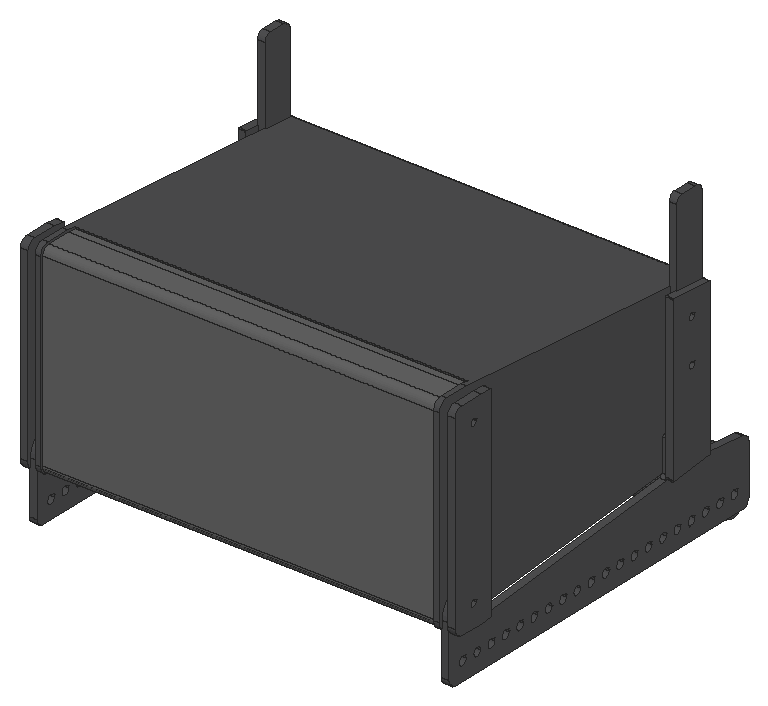
Revit family "Communication_Bosch_Speakers_X-Line Advance Install X1i", category Communication Devices, Revit 2018
Family settings
  Maintain Annotation Orientation = No
  Round Connector Dimension = Use Diameter
  Part Type = Normal
  Work Plane-Based = Yes
  Always vertical = No
  Cut with Voids When Loaded = No
  Shared = Yes
  Room Calculation Point = No
Parameters (values of type "X1I-212/120-FGB X1i 12" 120° Install array black FG")
  top/Middle/Bottom Elements [instance] = if(XVisErr, 1 = 0, if(or([Loud Speaker Top Position (01 spreader bar)], Loud Speaker Middle Position, Loud Speaker Bottom Position, [Loud Speaker Bottom Position (No grid)]), 1 = 1, 1 = 0))  # yes
  ifcExportAs = "IfcElectricApplianceType\r\n\r\n"  # constant formula
  XVisSpeaker [instance] = not(XVisErr)  # yes
  XVisErr [instance] = if(and([Loud Speaker Bottom Position (No grid)], Loud Speaker Bottom Position), 1 = 1, if(and([Loud Speaker Bottom Position (No grid)], Loud Speaker Middle Position), 1 = 1, if(and([Loud Speaker Bottom Position (No grid)], [Loud Speaker Top Position (01 spreader bar)]), 1 = 1, if(and([Loud Speaker Bottom Position (No grid)], Loud Speaker Middle Position, [Loud Speaker Top Position (01 spreader bar)]), 1 = 1, if(and([Loud Speaker Bottom Position (No grid)], [Loud Speaker Top Position (02 spreader bar)]), 1 = 1, if(and([Loud Speaker Bottom Position (No grid)], Loud Speaker Middle Position, [Loud Speaker Top Position (02 spreader bar)]), 1 = 1, if(and(Loud Speaker Bottom Position, Loud Speaker Middle Position), 1 = 1, if(and(Loud Speaker Bottom Position, [Loud Speaker Top Position (01 spreader bar)]), 1 = 1, if(and(Loud Speaker Middle Position, [Loud Speaker Top Position (01 spreader bar)]), 1 = 1, if(and(Loud Speaker Bottom Position, Loud Speaker Middle Position, [Loud Speaker Top Position (01 spreader bar)]), 1 = 1, if(and([Loud Speaker Top Position (01 spreader bar)], [Loud Speaker Top Position (02 spreader bar)]), 1 = 1, if(and(Loud Speaker Bottom Position, [Loud Speaker Top Position (02 spreader bar)]), 1 = 1, if(and(Loud Speaker Middle Position, [Loud Speaker Top Position (02 spreader bar)]), 1 = 1, if(and(Loud Speaker Bottom Position, Loud Speaker Middle Position, [Loud Speaker Top Position (02 spreader bar)]), 1 = 1, 1 = 0))))))))))))))  # no
  XMTI = 2
  XMPN [instance] = if(XVisErr, XError, if(and(or(XMTI = 1, XMTI = 2, XMTI = 5, XMTI = 6), Loud Speaker Bottom Position), " X12I-RIGKIT-B & X12I-GRID-B", if(and(or(XMTI = 1, XMTI = 2, XMTI = 5, XMTI = 6), [Loud Speaker Top Position (01 spreader bar)]), " X12I-RIGKIT-B & X12I-GRID-B ", if(and(or(XMTI = 1, XMTI = 2, XMTI = 5, XMTI = 6), [Loud Speaker Top Position (02 spreader bar)]), " X12I-RIGKIT-B & X12I-GRID-B", if(and(or(XMTI = 1, XMTI = 2, XMTI = 5, XMTI = 6), Loud Speaker Middle Position), " X12I-RIGKIT-B ", if(and(or(XMTI = 3, XMTI = 4, XMTI = 7, XMTI = 8), Loud Speaker Bottom Position), " X12I-RIGKIT-W & X12I-GRID-W", if(and(or(XMTI = 3, XMTI = 4, XMTI = 7, XMTI = 8), [Loud Speaker Bottom Position (No grid)]), " X12I-RIGKIT-W ", if(and(or(XMTI = 3, XMTI = 4, XMTI = 7, XMTI = 8), [Loud Speaker Top Position (01 spreader bar)]), " X12I-RIGKIT-W & X12I-GRID-W", if(and(or(XMTI = 3, XMTI = 4, XMTI = 7, XMTI = 8), [Loud Speaker Top Position (02 spreader bar)]), " X12I-RIGKIT-W & X12I-GRID-W ", if(and(or(XMTI = 3, XMTI = 4, XMTI = 7, XMTI = 8), Loud Speaker Middle Position), " X12I-RIGKIT-W ", "None"))))))))))  # " X12I-RIGKIT-B & X12I-GRID-B"
  XError [instance] = "Configuration not possible"  # constant formula
  XCTN [instance] = if(XVisErr, XError, if(XMTI = 1, "X1I-212/120-B ", if(XMTI = 2, "X1I-212/120-FGB ", if(XMTI = 3, "X1I-212/120-FGW ", if(XMTI = 4, "X1I-212/120-W ", if(XMTI = 5, "X1I-212/90-B ", if(XMTI = 6, "X1I-212/90-FGB ", if(XMTI = 7, "X1I-212/90-FGW ", if(XMTI = 8, " X1I-212/90-W ", " None ")))))))))  # "X1I-212/120-FGB "
  XAccDesc [instance] = if(XVisErr, XError, if(XMTI = 1, " X1i 12 in 120° Install array black", if(XMTI = 2, " X1i 12 in 120° Install array black FG", if(XMTI = 3, " X1i 12 in 120° Install array white FG", if(XMTI = 4, " X1i 12 in 120° Install array white", if(XMTI = 5, " X1i 12 in 90° Install array black", if(XMTI = 6, " X1i 12 in 90° Install array black FG", if(XMTI = 7, " X1i 12 in 90° Install array white FG", if(XMTI = 8, " X1i 12 in 90° Install array white", " None ")))))))))  # " X1i 12 in 120° Install array black FG"
  Weight (Kg) = "34.9 "  # constant formula
  Vertical Coverage = "Array dependent\r\n"  # constant formula
  UniclassTitle = "Loudspeakers"  # constant formula
  UniclassCode = "Pr_70_75_36_50"  # constant formula
  URL = "www.electrovoice.com"
  Top/Middle Elements [instance] = if(XVisErr, 1 = 0, if(or([Loud Speaker Top Position (01 spreader bar)], Loud Speaker Middle Position), 1 = 1, 1 = 0))  # no
  Top Elements (02 spreader bar) [instance] = if(XVisErr, 1 = 0, if([Loud Speaker Top Position (02 spreader bar)], 1 = 1, 1 = 0))  # no
  Top Elements (01 spreader bar) [instance] = if(XVisErr, 1 = 0, if([Loud Speaker Top Position (01 spreader bar)], 1 = 1, 1 = 0))  # no
  Top Element Grid [instance] = if(XVisErr, 1 = 0, if(or([Loud Speaker Top Position (01 spreader bar)], [Loud Speaker Top Position (02 spreader bar)]), 1 = 1, 1 = 0))  # no
  Top Element Distance [instance] = if(or(Loud Speaker Bottom Position, Loud Speaker Middle Position), 0 mm, if(Top Grid Hole Number = 1, 599.4 mm, if(Top Grid Hole Number = 2, 569.4 mm, if(Top Grid Hole Number = 3, 539.4 mm, if(Top Grid Hole Number = 4, 509.4 mm, if(Top Grid Hole Number = 5, 479.4 mm, if(Top Grid Hole Number = 6, 449.4 mm, if(Top Grid Hole Number = 7, 419.4 mm, if(Top Grid Hole Number = 8, 389.4 mm, if(Top Grid Hole Number = 9, 359.4 mm, if(Top Grid Hole Number = 10, 229.4 mm, if(Top Grid Hole Number = 11, 299.4 mm, if(Top Grid Hole Number = 12, 269.4 mm, if(Top Grid Hole Number = 13, 239.4 mm, if(Top Grid Hole Number = 14, 209.4 mm, if(Top Grid Hole Number = 15, 179.4 mm, if(Top Grid Hole Number = 16, 149.4 mm, if(Top Grid Hole Number = 17, 119.4 mm, if(Top Grid Hole Number = 18, 89.4 mm, if(Top Grid Hole Number = 19, 59.4 mm, if(Top Grid Hole Number = 20, 29.4 mm, 599.4 mm)))))))))))))))))))))  # 0 mm
  Power Handling = "500 W Continuous, 2000 Peak"  # constant formula
  Product Website = "https://products.electrovoice.com/na/en/product/2857/"
  Product Information = "https://products.electrovoice.com/downloadfile.php?id=978255"
  Product Description [instance] = XAccDesc  # " X1i 12 in 120° Install array black FG"
  PlanningTools = "https://products.electrovoice.com/na/en/preview/"
  Middle/Bottom element [instance] = if(XVisErr, 1 = 0, if(or(Loud Speaker Middle Position, Loud Speaker Bottom Position, [Loud Speaker Bottom Position (No grid)]), 1 = 1, 1 = 0))  # yes
  Max SPL = "\t143 dB Peak"  # constant formula
  Material = "Multi-ply birch"  # constant formula
  Loud Speaker Bottom Position (No grid) [instance] = no
  Colour = RAL 9005 black
  Manufacturer = "Electro Voice"  # constant formula
  Loud Speaker Top Position (02 spreader bar) [instance] = no
  Loud Speaker Top Position (01 spreader bar) [instance] = no
  Loud Speaker Middle Position [instance] = no
  Loud Speaker Bottom Position [instance] = yes
  LoudSpeaker inclination Angle [instance] = 0.00°
  Top Grid Hole Number [instance] = 4
  InstallationManual = "https://products.electrovoice.com/downloadfile.php?id=978379"
  IP Rating = "IP55 (fiberglass models only)"  # constant formula
  Frequency Response (-3 dB) = "Full-space anechoic array performance with FIR-Drive\r\npreset (57 Hz - 16 kHz)"  # constant formula
  Disclaimer = "https://resources-boschsecurity-cdn.azureedge.net/public/information/bim/Disclaimer.pdf"
  Dimensions (H x W x D) = "347 mm x 678.5 mm x 536 mm"  # constant formula
  Default Elevation = 1219.2 mm
  Horizontal Coverage = "90° or 120°"  # constant formula
  CTN [instance] = XCTN  # "X1I-212/120-FGB "
  Bottom Spreader Bar Rotation Angle [instance] = if(Loud Speaker Bottom Position, -15.00°, -15.00°)  # -15.00°
  Bottom Grid Hole Number [instance] = if(Loud Speaker Bottom Position, 20, 20)  # 20
  Bottom Elements [instance] = if(XVisErr, 1 = 0, if(Loud Speaker Bottom Position, 1 = 1, 1 = 0))  # yes
  Bottom Element Distance [instance] = if(or([Loud Speaker Top Position (01 spreader bar)], [Loud Speaker Top Position (02 spreader bar)], Loud Speaker Middle Position), 0 mm, if(Bottom Grid Hole Number = 1, 599.4 mm, if(Bottom Grid Hole Number = 2, 569.4 mm, if(Bottom Grid Hole Number = 3, 539.4 mm, if(Bottom Grid Hole Number = 4, 509.4 mm, if(Bottom Grid Hole Number = 5, 479.4 mm, if(Bottom Grid Hole Number = 6, 449.4 mm, if(Bottom Grid Hole Number = 7, 419.4 mm, if(Bottom Grid Hole Number = 8, 389.4 mm, if(Bottom Grid Hole Number = 9, 359.4 mm, if(Bottom Grid Hole Number = 10, 229.4 mm, if(Bottom Grid Hole Number = 11, 299.4 mm, if(Bottom Grid Hole Number = 12, 269.4 mm, if(Bottom Grid Hole Number = 13, 239.4 mm, if(Bottom Grid Hole Number = 14, 209.4 mm, if(Bottom Grid Hole Number = 15, 179.4 mm, if(Bottom Grid Hole Number = 16, 149.4 mm, if(Bottom Grid Hole Number = 17, 119.4 mm, if(Bottom Grid Hole Number = 18, 89.4 mm, if(Bottom Grid Hole Number = 19, 59.4 mm, if(Bottom Grid Hole Number = 20, 29.4 mm, 599.4 mm)))))))))))))))))))))  # 29.4 mm
  ArchitectsAndEngineersSpecs = "https://products.electrovoice.com/na/en/product/2857/"
  Accessories Part Number [instance] = XMPN  # " X12I-RIGKIT-B & X12I-GRID-B"
Reference planes
  plane 1 "Center (Front/Back)": y = 0
  plane 2: z = 0
  plane 3 "Center (Left/Right)": x = 0
Forms (mm)
  Extrusion 1, solid, material "RAL 9005 black" <- "Colour", visible <- "XVisSpeaker"
    sketch origin (0, 0, 0) x (0, 0, 1) y (0, -1, 0)
      loop
        line (145.249, -249.261) -> (187.03, 228.298) -> (187.03, 268.828)
        arc (187.03, 268.828) -> (182.414, 279.972) -> (171.269, 284.589) r 15.761
        line (171.269, 284.589) -> (-144.205, 284.589)
        arc (-144.205, 284.589) -> (-155.35, 279.972) -> (-159.966, 268.828) r 15.761
        line (-159.966, 268.828) -> (-159.966, 228.298) -> (-118.185, -249.261)
        arc (-118.185, -249.261) -> (-117.438, -250.777) -> (-115.865, -251.393) r 2.337
        line (-115.865, -251.393) -> (142.914, -251.393)
        arc (142.914, -251.393) -> (144.497, -250.782) -> (145.249, -249.261) r 2.337
    from -339.25 to 339.25
  Extrusion 2, void
    sketch origin (0, 0, 0) x (0, 0, -1) y (0, -1, 0)
      loop
        line (-188.667, 213.318) -> (-181.001, 213.318) -> (-182.393, 229.23) -> (-182.393, 268.836)
        arc (-182.393, 268.836) -> (-179.132, 276.697) -> (-171.269, 279.952) r 11.124
        line (-171.269, 279.952) -> (144.205, 279.952)
        arc (144.205, 279.952) -> (152.071, 276.694) -> (155.33, 268.828) r 11.124
        line (155.33, 268.828) -> (155.33, 229.23) -> (153.937, 213.318) -> (161.603, 213.318) -> (162.966, 228.896) -> (162.966, 269.547)
        arc (162.966, 269.547) -> (157.483, 282.812) -> (144.227, 288.318) r 18.761
        line (144.227, 288.318) -> (-171.247, 288.318)
        arc (-171.247, 288.318) -> (-184.524, 282.835) -> (-190.03, 269.568) r 18.761
        line (-190.03, 269.568) -> (-190.03, 228.896) -> (-188.667, 213.318)
    from -329.969 to 329.969
  Extrusion 3, solid, material "Default New Material", visible <- "XVisSpeaker"
    sketch origin (0, 0, 0) x (0, 0, 1) y (0, -1, 0)
      loop
        line (184.693, 228.555) -> (184.693, 268.828)
        arc (184.693, 268.828) -> (180.762, 278.32) -> (171.269, 282.252) r 13.424
        line (171.269, 282.252) -> (-144.205, 282.252)
        arc (-144.205, 282.252) -> (-153.698, 278.32) -> (-157.63, 268.828) r 13.424
        line (-157.63, 268.828) -> (-157.63, 228.4) -> (-156.31, 213.318) -> (-153.937, 213.318) -> (-155.328, 229.218) -> (-155.328, 268.98)
        arc (-155.328, 268.98) -> (-152.017, 276.747) -> (-144.205, 279.952) r 11.124
        line (-144.205, 279.952) -> (171.269, 279.952)
        arc (171.269, 279.952) -> (179.135, 276.694) -> (182.393, 268.828) r 11.124
        line (182.393, 268.828) -> (182.398, 229.129) -> (181.015, 213.318) -> (183.36, 213.318) -> (184.693, 228.555)
    from -329.969 to 329.969
  Extrusion 4, void
    sketch origin (0, 0, 0) x (0, 0, -1) y (0, -1, 0)
      loop
        circle (122.563, 245.73) r 6.349
      loop
        circle (-149.627, 245.73) r 6.349
      loop
        circle (-107.835, -212.534) r 6.349
      loop
        circle (-34.815, -212.534) r 11.933
      loop
        circle (7.752, -212.534) r 11.933
      loop
        circle (80.771, -212.534) r 6.349
    from 332.545 to 352.25
  Extrusion 5, solid, material "RAL 9005 black" <- "Colour", visible <- "Middle/Bottom element"
    sketch origin (0, 0, 0) x (0, 0, 1) y (0, -1, 0)
      loop
        line (289.463, -237.046) -> (289.463, -209.627)
        arc (289.463, -209.627) -> (286.016, -201.307) -> (277.697, -197.861) r 11.766
        line (277.697, -197.861) -> (33.058, -197.861)
        arc (33.058, -197.861) -> (24.737, -201.308) -> (21.291, -209.629) r 11.767
        line (21.291, -209.629) -> (21.291, -237.051)
        arc (21.291, -237.051) -> (24.75, -245.402) -> (33.101, -248.861) r 11.811
        line (33.101, -248.861) -> (277.648, -248.861)
        arc (277.648, -248.861) -> (286.002, -245.401) -> (289.463, -237.046) r 11.815
      loop
        circle (107.835, -212.534) r 6.349
      loop
        circle (34.815, -212.534) r 6.349
    from -352.25 to -339.25
  Extrusion 6, solid, material "RAL 9005 black" <- "Colour", visible <- "top/Middle/Bottom Elements"
    sketch origin (0, 0, 0) x (0, 0, 1) y (0, -1, 0)
      loop
        line (-160.567, 229.402) -> (-158.777, 209.692)
        arc (-158.777, 209.692) -> (-158.512, 209.1) -> (-157.939, 208.795) r 1.001
        line (-157.939, 208.795) -> (182.646, 208.795)
        arc (182.646, 208.795) -> (183.324, 209.059) -> (183.643, 209.714) r 1.001
        line (183.643, 209.714) -> (185.175, 227.917) -> (185.175, 269.109)
        arc (185.175, 269.109) -> (181.391, 279.023) -> (171.997, 283.957) r 15.011
        line (171.997, 283.957) -> (-145.588, 283.957)
        arc (-145.588, 283.957) -> (-156.208, 279.524) -> (-160.567, 268.873) r 15.011
        line (-160.567, 268.873) -> (-160.567, 229.402)
      loop
        circle (-122.563, 245.73) r 6.349
      loop
        circle (149.627, 245.73) r 6.349
    from -365.25 to -352.25
  Extrusion 7, solid, material "RAL 9005 black" <- "Colour", visible <- "top/Middle/Bottom Elements"
    sketch origin (0, 0, 0) x (0, 0, 1) y (0, -1, 0)
      loop
        line (-123.814, -174.746) -> (-117.068, -249.008)
        arc (-117.068, -249.008) -> (-116.731, -249.686) -> (-116.026, -249.96) r 1.046
        line (-116.026, -249.96) -> (144.047, -249.96)
        arc (144.047, -249.96) -> (144.686, -249.729) -> (145.03, -249.143) r 1.001
        line (145.03, -249.143) -> (151.293, -174.769)
        arc (151.293, -174.769) -> (151.033, -174.008) -> (150.296, -173.685) r 1.001
        line (150.296, -173.685) -> (-122.845, -173.685)
        arc (-122.845, -173.685) -> (-123.563, -174.002) -> (-123.814, -174.746) r 0.973
      loop
        circle (34.815, -212.534) r 6.349
      loop
        circle (107.835, -212.534) r 6.349
    from -365.25 to -352.25
  Extrusion 8, solid, material "RAL 9005 black" <- "Colour", visible <- "Middle/Bottom element"
    sketch origin (0, 0, 0) x (0, 0, 1) y (0, -1, 0)
      loop
        line (289.463, -237.046) -> (289.463, -209.627)
        arc (289.463, -209.627) -> (286.016, -201.307) -> (277.697, -197.861) r 11.766
        line (277.697, -197.861) -> (33.058, -197.861)
        arc (33.058, -197.861) -> (24.737, -201.308) -> (21.291, -209.629) r 11.767
        line (21.291, -209.629) -> (21.291, -237.051)
        arc (21.291, -237.051) -> (24.75, -245.402) -> (33.101, -248.861) r 11.811
        line (33.101, -248.861) -> (277.648, -248.861)
        arc (277.648, -248.861) -> (286.002, -245.401) -> (289.463, -237.046) r 11.815
      loop
        circle (107.835, -212.534) r 6.349
      loop
        circle (34.815, -212.534) r 6.349
    from 339.25 to 352.25
  Extrusion 9, solid, material "RAL 9005 black" <- "Colour", visible <- "top/Middle/Bottom Elements"
    sketch origin (0, 0, 0) x (0, 0, 1) y (0, -1, 0)
      loop
        line (-160.567, 229.402) -> (-158.777, 209.692)
        arc (-158.777, 209.692) -> (-158.512, 209.1) -> (-157.939, 208.795) r 1.001
        line (-157.939, 208.795) -> (182.646, 208.795)
        arc (182.646, 208.795) -> (183.324, 209.059) -> (183.643, 209.714) r 1.001
        line (183.643, 209.714) -> (185.175, 227.917) -> (185.175, 269.109)
        arc (185.175, 269.109) -> (181.391, 279.023) -> (171.997, 283.957) r 15.011
        line (171.997, 283.957) -> (-145.588, 283.957)
        arc (-145.588, 283.957) -> (-156.208, 279.524) -> (-160.567, 268.873) r 15.011
        line (-160.567, 268.873) -> (-160.567, 229.402)
      loop
        circle (-122.563, 245.73) r 6.349
      loop
        circle (149.627, 245.73) r 6.349
    from 352.25 to 365.25
  Extrusion 10, solid, material "RAL 9005 black" <- "Colour", visible <- "top/Middle/Bottom Elements"
    sketch origin (0, 0, 0) x (0, 0, 1) y (0, -1, 0)
      loop
        line (-123.814, -174.746) -> (-117.068, -249.008)
        arc (-117.068, -249.008) -> (-116.731, -249.686) -> (-116.026, -249.96) r 1.046
        line (-116.026, -249.96) -> (144.047, -249.96)
        arc (144.047, -249.96) -> (144.686, -249.729) -> (145.03, -249.143) r 1.001
        line (145.03, -249.143) -> (151.293, -174.769)
        arc (151.293, -174.769) -> (151.033, -174.008) -> (150.296, -173.685) r 1.001
        line (150.296, -173.685) -> (-122.845, -173.685)
        arc (-122.845, -173.685) -> (-123.563, -174.002) -> (-123.814, -174.746) r 0.973
      loop
        circle (34.815, -212.534) r 6.349
      loop
        circle (107.835, -212.534) r 6.349
    from 352.25 to 365.25
  Extrusion 11, solid, material "RAL 9005 black" <- "Colour", visible <- "Top/Middle Elements"
    sketch origin (0, 0, 0) x (0, 0, 1) y (0, -1, 0)
      loop
        line (-199.874, 210.765) -> (-136.231, 210.765)
        arc (-136.231, 210.765) -> (-103.791, 245.671) -> (-136.231, 280.577) r 35
        line (-136.231, 280.577) -> (-199.874, 280.577)
        arc (-199.874, 280.577) -> (-232.314, 245.671) -> (-199.874, 210.765) r 35
      loop
        circle (-122.563, 245.73) r 5.754
      loop
        circle (-203.683, 244.308) r 5.754
    from -352.25 to -339.25
  Extrusion 12, solid, material "RAL 9005 black" <- "Colour", visible <- "Top/Middle Elements"
    sketch origin (0, 0, 0) x (0, 0, 1) y (0, -1, 0)
      loop
        line (-199.845, 210.765) -> (-136.202, 210.765)
        arc (-136.202, 210.765) -> (-103.762, 245.671) -> (-136.202, 280.577) r 35
        line (-136.202, 280.577) -> (-199.845, 280.577)
        arc (-199.845, 280.577) -> (-232.285, 245.671) -> (-199.845, 210.765) r 35
      loop
        circle (-122.534, 245.73) r 5.754
      loop
        circle (-203.654, 244.308) r 5.754
    from 339.25 to 352.25
  Extrusion 13, void
    sketch origin (0, 0, 0) x (0, 0, -1) y (0, -1, 0)
      loop
        circle (122.563, 245.73) r 6.349
      loop
        circle (-149.627, 245.73) r 6.349
      loop
        circle (-107.835, -212.534) r 6.349
      loop
        circle (-34.815, -212.534) r 11.933
      loop
        circle (7.752, -212.534) r 11.933
      loop
        circle (80.771, -212.534) r 6.349
    from -355.668 to -329.969
  Extrusion 14, solid, material "Error Box", visible <- "XVisErr"
    sketch origin (0, 0, 920) x (1, 0, 0) y (0, 1, 0)
      loop
        line (-370.25, 352.248) -> (-370.25, -313.565) -> (370.25, -313.565) -> (370.25, 352.248) -> (-370.25, 352.248)
    from -1200 to -600
Cuts and joins
  Extrusion 2, Extrusion 4, Extrusion 13 cuts Extrusion 1
Lines and regions (mm)
  reference lines
    curve 1: line (0, 0, 0) -> (0, 0, 920)
Dimensions and locks
  "LoudSpeaker inclination Angle": angle curve 1 to plane 1 "Center (Front/Back)"
  aligned and locked: level to plane 2
Automatic sketch dimensions
  Extrusion 1 sketch curve to curve 1 = 159.966 mm
  Extrusion 1 sketch curve to Extrusion 1 sketch curve = 15.761 mm  (x2)
  Extrusion 1 sketch curve to curve 1 = 118.185 mm
  Extrusion 1 sketch curve to Extrusion 1 sketch curve = 2.32 mm
  Extrusion 1 sketch curve to Extrusion 1 sketch curve = 2.328 mm  (x2)
  curve 1 to Extrusion 1 sketch curve = 142.914 mm
  Extrusion 1 sketch curve to Extrusion 1 sketch curve = 0.008 mm
  curve 1 to Extrusion 1 sketch curve = 171.269 mm
  Extrusion 1 sketch curve to curve 1 = 251.393 mm
  Extrusion 1 sketch curve to Extrusion 1 sketch curve = 2.131 mm  (x2)
  curve 1 to Extrusion 1 sketch curve = 228.298 mm  (x2)
  Extrusion 1 sketch curve to Extrusion 1 sketch curve = 40.53 mm
  Extrusion 2 sketch curve to curve 1 = 190.03 mm
  Extrusion 2 sketch curve to Extrusion 2 sketch curve = 1.363 mm
  Extrusion 2 sketch curve to Extrusion 2 sketch curve = 7.637 mm  (x2)
  Extrusion 2 sketch curve to Extrusion 2 sketch curve = 7.666 mm  (x2)
  Extrusion 2 sketch curve to Extrusion 2 sketch curve = 11.124 mm  (x2)
  Extrusion 2 sketch curve to Extrusion 2 sketch curve = 0 mm  (x2)
  Extrusion 2 sketch curve to Extrusion 2 sketch curve = 0.022 mm  (x2)
  curve 1 to Extrusion 2 sketch curve = 144.205 mm
  Extrusion 2 sketch curve to Extrusion 2 sketch curve = 9.732 mm
  Extrusion 2 sketch curve to Extrusion 2 sketch curve = 1.392 mm
  curve 1 to Extrusion 2 sketch curve = 213.318 mm  (x2)
  Extrusion 2 sketch curve to Extrusion 2 sketch curve = 15.578 mm  (x2)
  Extrusion 2 sketch curve to Extrusion 2 sketch curve = 0.333 mm  (x2)
  Extrusion 2 sketch curve to Extrusion 2 sketch curve = 39.598 mm
  Extrusion 2 sketch curve to Extrusion 2 sketch curve = 0.719 mm
  Extrusion 2 sketch curve to Extrusion 2 sketch curve = 0.73 mm  (x2)
  Extrusion 3 sketch curve to Extrusion 3 sketch curve = 0 mm  (x5)
  Extrusion 3 sketch curve to curve 1 = 157.63 mm
  Extrusion 3 sketch curve to Extrusion 3 sketch curve = 1.319 mm
  Extrusion 3 sketch curve to Extrusion 3 sketch curve = 2.301 mm
  Extrusion 3 sketch curve to Extrusion 3 sketch curve = 2.373 mm
  Extrusion 3 sketch curve to Extrusion 3 sketch curve = 11.123 mm
  curve 1 to Extrusion 3 sketch curve = 171.269 mm
  Extrusion 3 sketch curve to Extrusion 3 sketch curve = 9.746 mm
  Extrusion 3 sketch curve to Extrusion 3 sketch curve = 1.383 mm
  Extrusion 3 sketch curve to Extrusion 3 sketch curve = 2.346 mm
  Extrusion 3 sketch curve to Extrusion 3 sketch curve = 2.295 mm
  curve 1 to Extrusion 3 sketch curve = 213.318 mm  (x2)
  Extrusion 3 sketch curve to Extrusion 3 sketch curve = 15.082 mm
  Extrusion 3 sketch curve to Extrusion 3 sketch curve = 15.236 mm
  Extrusion 3 sketch curve to Extrusion 3 sketch curve = 0.575 mm
  Extrusion 3 sketch curve to Extrusion 3 sketch curve = 0.818 mm
  Extrusion 3 sketch curve to Extrusion 3 sketch curve = 39.698 mm
  Extrusion 3 sketch curve to Extrusion 3 sketch curve = 0.152 mm
  Extrusion 4 sketch curve to curve 1 = 149.627 mm
  Extrusion 4 sketch curve to curve 1 = 107.835 mm
  Extrusion 4 sketch curve to curve 1 = 34.815 mm
  curve 1 to Extrusion 4 sketch curve = 7.752 mm
  Extrusion 4 sketch curve to Extrusion 4 sketch curve = 73.019 mm
  curve 1 to Extrusion 4 sketch curve = 122.563 mm
  Extrusion 4 sketch curve to curve 1 = 212.534 mm  (x3)
  Extrusion 4 sketch curve to Extrusion 4 sketch curve = 0 mm
  curve 1 to Extrusion 4 sketch curve = 245.73 mm  (x2)
  Extrusion 5 sketch curve to Extrusion 5 sketch curve = 0 mm  (x4)
  curve 1 to Extrusion 5 sketch curve = 21.291 mm
  Extrusion 5 sketch curve to Extrusion 5 sketch curve = 11.767 mm
  Extrusion 5 sketch curve to Extrusion 5 sketch curve = 11.811 mm
  Extrusion 5 sketch curve to Extrusion 5 sketch curve = 1.757 mm
  Extrusion 5 sketch curve to Extrusion 5 sketch curve = 73.019 mm
  Extrusion 5 sketch curve to Extrusion 5 sketch curve = 169.813 mm
  Extrusion 5 sketch curve to Extrusion 5 sketch curve = 0.049 mm
  Extrusion 5 sketch curve to Extrusion 5 sketch curve = 11.766 mm
  Extrusion 5 sketch curve to curve 1 = 248.861 mm
  Extrusion 5 sketch curve to Extrusion 5 sketch curve = 24.517 mm  (x2)
  Extrusion 5 sketch curve to Extrusion 5 sketch curve = 2.905 mm
  Extrusion 5 sketch curve to Extrusion 5 sketch curve = 6.349 mm  (x2)
  Extrusion 7 sketch curve to Extrusion 7 sketch curve = 0 mm  (x6)
  Extrusion 7 sketch curve to curve 1 = 123.814 mm
  Extrusion 7 sketch curve to Extrusion 7 sketch curve = 0.969 mm
  Extrusion 7 sketch curve to Extrusion 7 sketch curve = 6.746 mm
  Extrusion 7 sketch curve to Extrusion 7 sketch curve = 1.042 mm
  curve 1 to Extrusion 7 sketch curve = 34.815 mm
  Extrusion 7 sketch curve to Extrusion 7 sketch curve = 73.019 mm
  Extrusion 7 sketch curve to Extrusion 7 sketch curve = 36.212 mm
  Extrusion 7 sketch curve to Extrusion 7 sketch curve = 0.984 mm
  Extrusion 7 sketch curve to Extrusion 7 sketch curve = 42.461 mm
  Extrusion 7 sketch curve to curve 1 = 249.96 mm
  Extrusion 7 sketch curve to Extrusion 7 sketch curve = 0.817 mm
  Extrusion 7 sketch curve to Extrusion 7 sketch curve = 0.952 mm
  Extrusion 7 sketch curve to Extrusion 7 sketch curve = 36.425 mm
  Extrusion 7 sketch curve to curve 1 = 212.534 mm
  Extrusion 7 sketch curve to Extrusion 7 sketch curve = 74.262 mm
  Extrusion 7 sketch curve to Extrusion 7 sketch curve = 37.848 mm
  Extrusion 7 sketch curve to Extrusion 7 sketch curve = 0.088 mm
  Extrusion 7 sketch curve to Extrusion 7 sketch curve = 0.997 mm
  Extrusion 7 sketch curve to Extrusion 7 sketch curve = 6.349 mm  (x2)
  Extrusion 8 sketch curve to Extrusion 8 sketch curve = 0 mm  (x4)
  curve 1 to Extrusion 8 sketch curve = 21.291 mm
  Extrusion 8 sketch curve to Extrusion 8 sketch curve = 11.767 mm
  Extrusion 8 sketch curve to Extrusion 8 sketch curve = 11.811 mm
  Extrusion 8 sketch curve to Extrusion 8 sketch curve = 1.757 mm
  Extrusion 8 sketch curve to Extrusion 8 sketch curve = 73.019 mm
  Extrusion 8 sketch curve to Extrusion 8 sketch curve = 169.813 mm
  Extrusion 8 sketch curve to Extrusion 8 sketch curve = 0.049 mm
  Extrusion 8 sketch curve to Extrusion 8 sketch curve = 11.766 mm
  Extrusion 8 sketch curve to curve 1 = 248.861 mm
  Extrusion 8 sketch curve to Extrusion 8 sketch curve = 24.517 mm  (x2)
  Extrusion 8 sketch curve to Extrusion 8 sketch curve = 2.905 mm
  Extrusion 8 sketch curve to Extrusion 8 sketch curve = 6.349 mm  (x2)
  Extrusion 10 sketch curve to Extrusion 10 sketch curve = 0 mm  (x6)
  Extrusion 10 sketch curve to curve 1 = 123.814 mm
  Extrusion 10 sketch curve to Extrusion 10 sketch curve = 0.969 mm
  Extrusion 10 sketch curve to Extrusion 10 sketch curve = 6.746 mm
  Extrusion 10 sketch curve to Extrusion 10 sketch curve = 1.042 mm
  curve 1 to Extrusion 10 sketch curve = 34.815 mm
  Extrusion 10 sketch curve to Extrusion 10 sketch curve = 73.019 mm
  Extrusion 10 sketch curve to Extrusion 10 sketch curve = 36.212 mm
  Extrusion 10 sketch curve to Extrusion 10 sketch curve = 0.984 mm
  Extrusion 10 sketch curve to Extrusion 10 sketch curve = 42.461 mm
  Extrusion 10 sketch curve to curve 1 = 249.96 mm
  Extrusion 10 sketch curve to Extrusion 10 sketch curve = 0.817 mm
  Extrusion 10 sketch curve to Extrusion 10 sketch curve = 0.952 mm
  Extrusion 10 sketch curve to Extrusion 10 sketch curve = 36.425 mm
  Extrusion 10 sketch curve to curve 1 = 212.534 mm
  Extrusion 10 sketch curve to Extrusion 10 sketch curve = 74.262 mm
  Extrusion 10 sketch curve to Extrusion 10 sketch curve = 37.848 mm
  Extrusion 10 sketch curve to Extrusion 10 sketch curve = 0.088 mm
  Extrusion 10 sketch curve to Extrusion 10 sketch curve = 0.997 mm
  Extrusion 10 sketch curve to Extrusion 10 sketch curve = 6.349 mm  (x2)
  Extrusion 11 sketch curve to curve 1 = 203.683 mm
  Extrusion 11 sketch curve to Extrusion 11 sketch curve = 3.809 mm  (x2)
  Extrusion 11 sketch curve to Extrusion 11 sketch curve = 6.369 mm
  Extrusion 11 sketch curve to Extrusion 11 sketch curve = 58.524 mm
  Extrusion 11 sketch curve to Extrusion 11 sketch curve = 2.56 mm  (x2)
  Extrusion 11 sketch curve to Extrusion 11 sketch curve = 16.228 mm
  curve 1 to Extrusion 11 sketch curve = 210.765 mm
  Extrusion 11 sketch curve to Extrusion 11 sketch curve = 33.543 mm
  Extrusion 11 sketch curve to Extrusion 11 sketch curve = 34.906 mm
  Extrusion 11 sketch curve to Extrusion 11 sketch curve = 0.059 mm
  Extrusion 12 sketch curve to curve 1 = 203.654 mm
  Extrusion 12 sketch curve to Extrusion 12 sketch curve = 3.809 mm  (x2)
  Extrusion 12 sketch curve to Extrusion 12 sketch curve = 6.369 mm
  Extrusion 12 sketch curve to Extrusion 12 sketch curve = 58.524 mm
  Extrusion 12 sketch curve to Extrusion 12 sketch curve = 2.56 mm  (x2)
  Extrusion 12 sketch curve to Extrusion 12 sketch curve = 16.228 mm
  curve 1 to Extrusion 12 sketch curve = 210.765 mm
  Extrusion 12 sketch curve to Extrusion 12 sketch curve = 33.543 mm
  Extrusion 12 sketch curve to Extrusion 12 sketch curve = 34.906 mm
  Extrusion 12 sketch curve to Extrusion 12 sketch curve = 0.059 mm
  Extrusion 13 sketch curve to curve 1 = 149.627 mm
  Extrusion 13 sketch curve to curve 1 = 107.835 mm
  Extrusion 13 sketch curve to curve 1 = 34.815 mm
  curve 1 to Extrusion 13 sketch curve = 7.752 mm
  Extrusion 13 sketch curve to Extrusion 13 sketch curve = 73.019 mm
  curve 1 to Extrusion 13 sketch curve = 122.563 mm
  Extrusion 13 sketch curve to curve 1 = 212.534 mm  (x3)
  Extrusion 13 sketch curve to Extrusion 13 sketch curve = 0 mm
  curve 1 to Extrusion 13 sketch curve = 245.73 mm  (x2)
  Extrusion 14 sketch curve to plane 3 "Center (Left/Right)" = 370.25 mm
  plane 3 "Center (Left/Right)" to Extrusion 14 sketch curve = 370.25 mm
  Extrusion 14 sketch curve to Extrusion 14 sketch curve = 665.813 mm
  Extrusion 6 sketch curve to curve 1 = 160.567 mm
  Extrusion 6 sketch curve to Extrusion 6 sketch curve = 1.79 mm
  Extrusion 6 sketch curve to Extrusion 6 sketch curve = 0.838 mm
  Extrusion 6 sketch curve to Extrusion 6 sketch curve = 0.158 mm
  Extrusion 6 sketch curve to Extrusion 6 sketch curve = 14.979 mm
  Extrusion 6 sketch curve to Extrusion 6 sketch curve = 0.031 mm
  Extrusion 6 sketch curve to Extrusion 6 sketch curve = 22.994 mm
  curve 1 to Extrusion 6 sketch curve = 149.627 mm
  Extrusion 6 sketch curve to Extrusion 6 sketch curve = 20.537 mm
  Extrusion 6 sketch curve to Extrusion 6 sketch curve = 1.833 mm
  Extrusion 6 sketch curve to Extrusion 6 sketch curve = 33.019 mm
  Extrusion 6 sketch curve to Extrusion 6 sketch curve = 0.997 mm
  curve 1 to Extrusion 6 sketch curve = 208.795 mm
  Extrusion 6 sketch curve to Extrusion 6 sketch curve = 0.898 mm
  Extrusion 6 sketch curve to Extrusion 6 sketch curve = 0.919 mm
  Extrusion 6 sketch curve to Extrusion 6 sketch curve = 19.71 mm
  Extrusion 6 sketch curve to Extrusion 6 sketch curve = 35.934 mm
  Extrusion 6 sketch curve to Extrusion 6 sketch curve = 16.328 mm
  Extrusion 6 sketch curve to Extrusion 6 sketch curve = 39.471 mm
  Extrusion 6 sketch curve to Extrusion 6 sketch curve = 0.074 mm
  Extrusion 6 sketch curve to Extrusion 6 sketch curve = 14.898 mm
  Extrusion 6 sketch curve to Extrusion 6 sketch curve = 1.532 mm
  Extrusion 6 sketch curve to Extrusion 6 sketch curve = 18.203 mm
  Extrusion 6 sketch curve to Extrusion 6 sketch curve = 6.349 mm  (x2)
  Extrusion 9 sketch curve to curve 1 = 158.777 mm
  Extrusion 9 sketch curve to Extrusion 9 sketch curve = 0.838 mm
  Extrusion 9 sketch curve to Extrusion 9 sketch curve = 0.997 mm  (x2)
  Extrusion 9 sketch curve to Extrusion 9 sketch curve = 12.192 mm
  Extrusion 9 sketch curve to Extrusion 9 sketch curve = 0.031 mm
  Extrusion 9 sketch curve to Extrusion 9 sketch curve = 22.994 mm
  curve 1 to Extrusion 9 sketch curve = 149.627 mm
  Extrusion 9 sketch curve to Extrusion 9 sketch curve = 20.537 mm
  Extrusion 9 sketch curve to Extrusion 9 sketch curve = 1.833 mm
  Extrusion 9 sketch curve to Extrusion 9 sketch curve = 15.011 mm
  curve 1 to Extrusion 9 sketch curve = 208.795 mm
  Extrusion 9 sketch curve to Extrusion 9 sketch curve = 0.898 mm
  Extrusion 9 sketch curve to Extrusion 9 sketch curve = 0.919 mm
  Extrusion 9 sketch curve to Extrusion 9 sketch curve = 35.934 mm
  Extrusion 9 sketch curve to Extrusion 9 sketch curve = 35.947 mm
  Extrusion 9 sketch curve to Extrusion 9 sketch curve = 23.217 mm
  Extrusion 9 sketch curve to Extrusion 9 sketch curve = 23.33 mm
  Extrusion 9 sketch curve to Extrusion 9 sketch curve = 0.05 mm
  Extrusion 9 sketch curve to Extrusion 9 sketch curve = 1.79 mm
  Extrusion 9 sketch curve to Extrusion 9 sketch curve = 1.532 mm
  Extrusion 9 sketch curve to Extrusion 9 sketch curve = 19.71 mm
  Extrusion 9 sketch curve to Extrusion 9 sketch curve = 18.203 mm
  Extrusion 9 sketch curve to Extrusion 9 sketch curve = 6.349 mm  (x2)
  curve 1 to plane 1 "Center (Front/Back)" = 0 mm
  curve 1 to level = 0 mm
  radius of Extrusion 4 sketch curve = 6.349 mm  (x4)
  radius of Extrusion 4 sketch curve = 11.933 mm  (x2)
  radius of Extrusion 11 sketch curve = 5.754 mm  (x2)
  radius of Extrusion 12 sketch curve = 5.754 mm  (x2)
  radius of Extrusion 13 sketch curve = 6.349 mm  (x4)
  radius of Extrusion 13 sketch curve = 11.933 mm  (x2)
Nested families
  nested 1: "Top Element X1i" at (0, 0, 0), MaterialRal <- "Colour", Top Element Grid <- "Top Element Grid", Top element distance <- "Top Element Distance", Two spreader bar <- "Top Elements (02 spreader bar)", one spreader bar <- "Top Elements (01 spreader bar)", type "Top Element"
    with one spreader bar no, Two spreader bar no, Top element distance 0 mm, Top Element Grid no, MaterialRal RAL 9005 black
  nested 2: "Bottom Element X1i" at (0, 0, 27.064) x (1, 0, 0) z (0, 0, -1), MaterialRal <- "Colour", Bottom element distance <- "Bottom Element Distance", visible <- "Bottom Elements", spreader Bar Rotation Angle <- "Bottom Spreader Bar Rotation Angle", type "Bottom Elements Accessories"
    with spreader Bar Rotation Angle -15.00°, MaterialRal RAL 9005 black, Bottom element distance 29.4 mm
  nested 3: "Bottom spreader bar" at (0, 317.848, -210.583) x (1, 0, 0) z (0, 0, -1), type "Bottom spreader bar"
    with Spreader Bar Rotation Angle -15.00°, MaterialRal RAL 9005 black
  nested 4: "Bottom Element grid" at (0, 0, 27.064) x (1, 0, 0) z (0, 0, -1), type "Bottom Element Grid"
    with MaterialRal RAL 9005 black
Connectors
  electrical at (0, 251.393, 13.524)
    settings: on cut or joined group of Extrusion 1, Extrusion 2, Extrusion 4, Extrusion 13, index 1, voltage 0 V, apparent load 0 VA, apparent load phase1 0 VA, apparent load phase2 0 VA, apparent load phase3 0 VA, power factor 1, load classification "Other", number of poles 1, system type 14, power factor state 1, is connector primary yes, connector utility no, sub classification motor no, connector description ""
Definition of nested family "Bottom spreader bar"
  Parameters (values of type "Bottom spreader bar")
    Spreader Bar Rotation Angle [instance] = 0.00°
    MaterialRal [instance] = none
    Default Elevation = 1219.2 mm
  Reference planes
    plane 1 "Center (Front/Back)": y = 0
    plane 2: z = 0
    plane 3 "Center (Left/Right)": x = 0
  Forms (mm)
    Extrusion 1, void
      sketch origin (0, -390, 0) x (-1, 0, 0) y (0, 0, 1)
        loop
          circle (-258.95, -20.927) r 10
        loop
          circle (-9.575, -20.927) r 10
        loop
          circle (40.425, -20.927) r 10
        loop
          circle (260.425, -20.927) r 10
      from -442.305 to 1237.265
    Extrusion 2, solid, material <- "MaterialRal"
      sketch origin (0, 0, 41.7) x (0, -1, 0) y (0, 0, -1)
        loop
          line (12.7, 71.314) -> (12.7, 93.539)
          arc (12.7, 93.539) -> (11.772, 95.781) -> (9.531, 96.714) r 3.175
          line (9.531, 96.714) -> (-9.531, 96.714)
          arc (-9.531, 96.714) -> (-11.772, 95.781) -> (-12.7, 93.539) r 3.175
          line (-12.7, 93.539) -> (-12.7, 71.314) -> (-12.7, 28.931)
          arc (-12.7, 28.931) -> (-13.479, 27.051) -> (-15.359, 26.272) r 2.659
          line (-15.359, 26.272) -> (-33.637, 26.272)
          arc (-33.637, 26.272) -> (-37.173, 24.808) -> (-38.637, 21.272) r 5
          line (-38.637, 21.272) -> (-38.637, 15.825)
          arc (-38.637, 15.825) -> (-34.003, 4.635) -> (-22.813, 0) r 15.825
          line (-22.813, 0) -> (0, 0) -> (22.813, 0)
          arc (22.813, 0) -> (34.003, 4.635) -> (38.637, 15.825) r 15.825
          line (38.637, 15.825) -> (38.637, 21.272)
          arc (38.637, 21.272) -> (37.173, 24.808) -> (33.637, 26.272) r 5
          line (33.637, 26.272) -> (15.474, 26.272)
          arc (15.474, 26.272) -> (13.512, 27.085) -> (12.7, 29.046) r 2.774
          line (12.7, 29.046) -> (12.7, 71.314)
      from 339.25 to -339.25
  Cuts and joins
    Extrusion 1 cuts Extrusion 2
  Lines and regions (mm)
    reference lines
      curve 1: line (0, 0, 0) -> (0, -390, 0)
  Dimensions and locks
    "Spreader Bar Rotation Angle": angle plane 2 to curve 1
    aligned and locked: level to plane 2
    aligned and locked: plane 1 "Center (Front/Back)" to curve 1
    aligned and locked: plane 2 to curve 1
  Automatic sketch dimensions
    Extrusion 1 sketch curve to level = 20.927 mm  (x4)
    plane 3 "Center (Left/Right)" to Extrusion 1 sketch curve = 258.95 mm
    plane 3 "Center (Left/Right)" to Extrusion 1 sketch curve = 9.575 mm
    Extrusion 1 sketch curve to plane 3 "Center (Left/Right)" = 40.425 mm
    Extrusion 1 sketch curve to Extrusion 1 sketch curve = 220 mm
    Extrusion 2 sketch curve to curve 1 = 0 mm
    Extrusion 2 sketch curve to curve 1 = 41.7 mm
    Extrusion 2 sketch curve to curve 1 = 9.525 mm
    Extrusion 2 sketch curve to Extrusion 2 sketch curve = 0.006 mm  (x2)
    Extrusion 2 sketch curve to curve 1 = 12.7 mm
    Extrusion 2 sketch curve to Extrusion 2 sketch curve = 2.659 mm
    Extrusion 2 sketch curve to Extrusion 2 sketch curve = 7.454 mm
    Extrusion 2 sketch curve to Extrusion 2 sketch curve = 10.825 mm  (x2)
    Extrusion 2 sketch curve to Extrusion 2 sketch curve = 5 mm  (x2)
    curve 1 to Extrusion 2 sketch curve = 9.525 mm
    curve 1 to Extrusion 2 sketch curve = 12.7 mm
    Extrusion 2 sketch curve to Extrusion 2 sketch curve = 2.774 mm
    Extrusion 2 sketch curve to Extrusion 2 sketch curve = 7.339 mm
    Extrusion 2 sketch curve to Extrusion 2 sketch curve = 5.448 mm  (x2)
    curve 1 to Extrusion 2 sketch curve = 29.614 mm  (x2)
    curve 1 to Extrusion 2 sketch curve = 51.839 mm
    Extrusion 2 sketch curve to Extrusion 2 sketch curve = 3.175 mm
    Extrusion 2 sketch curve to Extrusion 2 sketch curve = 0 mm  (x3)
    radius of Extrusion 1 sketch curve = 10 mm  (x4)
Definition of nested family "Bottom Element grid"
  Parameters (values of type "Bottom Element Grid")
    MaterialRal [instance] = none
    Default Elevation = 1219.2 mm
  Reference planes
    plane 1 "Center (Front/Back)": y = 0
    plane 2: z = 0
    plane 3 "Center (Left/Right)": x = 0
  Forms (mm)
    Extrusion 1, solid, material <- "MaterialRal"
      sketch origin (0, 0, 0) x (0, 1, 0) y (0, 0, 1)
        loop
          line (260.835, 150.633) -> (335.765, 157.848)
          arc (335.765, 157.848) -> (343.955, 161.958) -> (347.248, 170.508) r 12.7
          line (347.248, 170.508) -> (347.248, 255.742)
          arc (347.248, 255.742) -> (343.535, 264.735) -> (334.548, 268.461) r 12.7
          line (334.548, 268.461) -> (-267.659, 268.461)
          arc (-267.659, 268.461) -> (-276.64, 264.741) -> (-280.359, 255.761) r 12.7
          line (-280.359, 255.761) -> (-280.359, 167.803)
          arc (-280.359, 167.803) -> (-269.485, 141.55) -> (-243.233, 130.676) r 37.127
          line (-243.233, 130.676) -> (-217.585, 130.676) -> (-208.034, 184.841)
          arc (-208.034, 184.841) -> (-205.467, 187.909) -> (-201.575, 188.833) r 6.35
          line (-201.575, 188.833) -> (177.063, 155.707)
          arc (177.063, 155.707) -> (180.726, 154.129) -> (182.726, 150.677) r 6.35
          line (182.726, 150.677) -> (182.726, 96.828)
          arc (182.726, 96.828) -> (183.587, 94.462) -> (185.767, 93.204) r 3.68
          line (185.767, 93.204) -> (209.453, 89.027)
          arc (209.453, 89.027) -> (235.485, 94.741) -> (249.947, 117.129) r 35
          line (249.947, 117.129) -> (255.188, 145.466)
          arc (255.188, 145.466) -> (257.146, 148.996) -> (260.835, 150.633) r 6.35
        loop
          circle (212.534, 107.835) r 6.349
        loop
          circle (-245.73, 149.627) r 6.349
        loop
          circle (-252.134, 237.678) r 8
        loop
          circle (-222.134, 237.678) r 8
        loop
          circle (-192.134, 237.678) r 8
        loop
          circle (-162.134, 237.678) r 8
        loop
          circle (-132.134, 237.678) r 8
        loop
          circle (317.866, 237.678) r 8
        loop
          circle (287.866, 237.678) r 8
        loop
          circle (257.866, 237.678) r 8
        loop
          circle (227.866, 237.678) r 8
        loop
          circle (197.866, 237.678) r 8
        loop
          circle (167.866, 237.678) r 8
        loop
          circle (137.866, 237.678) r 8
        loop
          circle (107.866, 237.678) r 8
        loop
          circle (77.866, 237.678) r 8
        loop
          circle (47.866, 237.678) r 8
        loop
          circle (17.866, 237.678) r 8
        loop
          circle (-102.134, 237.678) r 8
        loop
          circle (-72.134, 237.678) r 8
        loop
          circle (-12.134, 237.678) r 8
        loop
          circle (-42.134, 237.678) r 8
      from 339.25 to 352.25
    Extrusion 2, solid, material <- "MaterialRal"
      sketch origin (-691.5, 0, 0) x (0, 1, 0) y (0, 0, 1)
        loop
          line (260.835, 150.633) -> (335.765, 157.848)
          arc (335.765, 157.848) -> (343.955, 161.958) -> (347.248, 170.508) r 12.7
          line (347.248, 170.508) -> (347.248, 255.742)
          arc (347.248, 255.742) -> (343.535, 264.735) -> (334.548, 268.461) r 12.7
          line (334.548, 268.461) -> (-267.659, 268.461)
          arc (-267.659, 268.461) -> (-276.64, 264.741) -> (-280.359, 255.761) r 12.7
          line (-280.359, 255.761) -> (-280.359, 167.803)
          arc (-280.359, 167.803) -> (-269.485, 141.55) -> (-243.233, 130.676) r 37.127
          line (-243.233, 130.676) -> (-217.585, 130.676) -> (-208.034, 184.841)
          arc (-208.034, 184.841) -> (-205.467, 187.909) -> (-201.575, 188.833) r 6.35
          line (-201.575, 188.833) -> (177.063, 155.707)
          arc (177.063, 155.707) -> (180.726, 154.129) -> (182.726, 150.677) r 6.35
          line (182.726, 150.677) -> (182.726, 96.828)
          arc (182.726, 96.828) -> (183.587, 94.462) -> (185.767, 93.204) r 3.68
          line (185.767, 93.204) -> (209.453, 89.027)
          arc (209.453, 89.027) -> (235.485, 94.741) -> (249.947, 117.129) r 35
          line (249.947, 117.129) -> (255.188, 145.466)
          arc (255.188, 145.466) -> (257.146, 148.996) -> (260.835, 150.633) r 6.35
        loop
          circle (212.534, 107.835) r 6.349
        loop
          circle (-245.73, 149.627) r 6.349
        loop
          circle (-252.134, 237.678) r 8
        loop
          circle (-222.134, 237.678) r 8
        loop
          circle (-192.134, 237.678) r 8
        loop
          circle (-162.134, 237.678) r 8
        loop
          circle (-132.134, 237.678) r 8
        loop
          circle (317.866, 237.678) r 8
        loop
          circle (287.866, 237.678) r 8
        loop
          circle (257.866, 237.678) r 8
        loop
          circle (227.866, 237.678) r 8
        loop
          circle (197.866, 237.678) r 8
        loop
          circle (167.866, 237.678) r 8
        loop
          circle (137.866, 237.678) r 8
        loop
          circle (107.866, 237.678) r 8
        loop
          circle (77.866, 237.678) r 8
        loop
          circle (47.866, 237.678) r 8
        loop
          circle (17.866, 237.678) r 8
        loop
          circle (-102.134, 237.678) r 8
        loop
          circle (-72.134, 237.678) r 8
        loop
          circle (-12.134, 237.678) r 8
        loop
          circle (-42.134, 237.678) r 8
      from 339.25 to 352.25
  Dimensions and locks
    aligned and locked: level to plane 2
Definition of nested family "Top Element X1i"
  Parameters (values of type "X1I-212/90-B X1i 12" 90° Install array black")
    one spreader bar [instance] = yes
    Top element distance [instance] = 300 mm
    Top Element Grid [instance] = yes
    MaterialRal [instance] = none
    Default Elevation = 1219.2 mm
    Two spreader bar [instance] = yes
  Reference planes
    plane 1 "Center (Front/Back)": y = 0
    plane 2: z = 0
    plane 3 "Center (Left/Right)": x = 0
    plane 4: y = 347.248
  Lines and regions (mm)
    reference lines
      curve 1: line (-339.25, 47.248, 0) -> (445.75, 47.248, 0)
  Dimensions and locks
    "Top element distance": plane 4 to curve 1
    aligned and locked: level to plane 2
    aligned and locked: nested 1 to curve 1
  Automatic sketch dimensions
    curve 1 to plane 3 "Center (Left/Right)" = 339.25 mm
    plane 3 "Center (Left/Right)" to curve 1 = 445.75 mm
  Nested families
    nested 1: "Top Element X1i.1" at (0, 47.248, 0), visible <- "one spreader bar", MaterialRal <- "MaterialRal", type "Top Element.1"
      with MaterialRal none
    nested 2: "Top Element grid" at (0, 0, 0), visible <- "Top Element Grid", MaterialRal <- "MaterialRal", type "Top Element Grid"
    nested 3: "Top Element (two Spread Bars)" at (0, 0, 0), visible <- "Two spreader bar", MaterialRal <- "MaterialRal", type "Top Elements (Two Spread Bars)"
      with MaterialRal none
  Definition of nested family "Top Element X1i.1"
    Parameters (values of type "Top Element.01")
      MaterialRal [instance] = none
      Default Elevation = 1219.2 mm
    Types (4): name
      Top Element.01
      X1I-212/90-B X1i 12" 90° Install array black
      Top elemenet
      Top Element
    Reference planes
      plane 1 "Center (Front/Back)": y = 0
      plane 2: z = 0
      plane 3 "Center (Left/Right)": x = 0
    Forms (mm)
      Extrusion 1, void
        sketch origin (0, -130.455, 0) x (1, 0, 0) y (0, 0, 1)
          loop
            circle (258.95, 258.591) r 10
          loop
            circle (9.575, 258.591) r 10
          loop
            circle (-40.425, 258.591) r 10
          loop
            circle (-260.425, 258.591) r 10
        from -442.305 to 189.531
      Extrusion 2, solid, material <- "MaterialRal"
        sketch origin (0, -35.398, 0) x (0, 0, 1) y (0, -1, 0)
          loop
            line (267.279, -22.698) -> (225.011, -22.698)
            arc (225.011, -22.698) -> (223.05, -21.885) -> (222.237, -19.924) r 2.774
            line (222.237, -19.924) -> (222.237, -1.76)
            arc (222.237, -1.76) -> (220.773, 1.775) -> (217.237, 3.24) r 5
            line (217.237, 3.24) -> (211.789, 3.24)
            arc (211.789, 3.24) -> (200.6, -1.395) -> (195.965, -12.585) r 15.825
            line (195.965, -12.585) -> (195.965, -35.398) -> (195.965, -58.211)
            arc (195.965, -58.211) -> (200.6, -69.4) -> (211.789, -74.035) r 15.825
            line (211.789, -74.035) -> (217.237, -74.035)
            arc (217.237, -74.035) -> (220.773, -72.571) -> (222.237, -69.035) r 5
            line (222.237, -69.035) -> (222.237, -50.757)
            arc (222.237, -50.757) -> (223.016, -48.877) -> (224.896, -48.098) r 2.659
            line (224.896, -48.098) -> (267.279, -48.098) -> (289.503, -48.098)
            arc (289.503, -48.098) -> (291.746, -47.17) -> (292.678, -44.929) r 3.175
            line (292.678, -44.929) -> (292.678, -25.866)
            arc (292.678, -25.866) -> (291.746, -23.625) -> (289.503, -22.698) r 3.175
            line (289.503, -22.698) -> (267.279, -22.698)
        from 339.25 to -339.25
    Cuts and joins
      Extrusion 1 cuts Extrusion 2
    Dimensions and locks
      aligned and locked: level to plane 2
  Definition of nested family "Top Element grid"
    Parameters (values of type "Top Element Grid")
      MaterialRal [instance] = none
      Default Elevation = 1219.2 mm
    Reference planes
      plane 1 "Center (Front/Back)": y = 0
      plane 2: z = 0
      plane 3 "Center (Left/Right)": x = 0
    Forms (mm)
      Extrusion 1, solid, material <- "MaterialRal"
        sketch origin (0, 0, 0) x (0, 1, 0) y (0, 0, 1)
          loop
            line (260.835, 150.633) -> (335.765, 157.848)
            arc (335.765, 157.848) -> (343.955, 161.958) -> (347.248, 170.508) r 12.7
            line (347.248, 170.508) -> (347.248, 255.742)
            arc (347.248, 255.742) -> (343.535, 264.735) -> (334.548, 268.461) r 12.7
            line (334.548, 268.461) -> (-267.659, 268.461)
            arc (-267.659, 268.461) -> (-276.64, 264.741) -> (-280.359, 255.761) r 12.7
            line (-280.359, 255.761) -> (-280.359, 167.803)
            arc (-280.359, 167.803) -> (-269.485, 141.55) -> (-243.233, 130.676) r 37.127
            line (-243.233, 130.676) -> (-217.585, 130.676) -> (-208.034, 184.841)
            arc (-208.034, 184.841) -> (-205.467, 187.909) -> (-201.575, 188.833) r 6.35
            line (-201.575, 188.833) -> (177.063, 155.707)
            arc (177.063, 155.707) -> (180.726, 154.129) -> (182.726, 150.677) r 6.35
            line (182.726, 150.677) -> (182.726, 96.828)
            arc (182.726, 96.828) -> (183.587, 94.462) -> (185.767, 93.204) r 3.68
            line (185.767, 93.204) -> (209.453, 89.027)
            arc (209.453, 89.027) -> (235.485, 94.741) -> (249.947, 117.129) r 35
            line (249.947, 117.129) -> (255.188, 145.466)
            arc (255.188, 145.466) -> (257.146, 148.996) -> (260.835, 150.633) r 6.35
          loop
            circle (212.534, 107.835) r 6.349
          loop
            circle (-245.73, 149.627) r 6.349
          loop
            circle (-252.134, 237.678) r 8
          loop
            circle (-222.134, 237.678) r 8
          loop
            circle (-192.134, 237.678) r 8
          loop
            circle (-162.134, 237.678) r 8
          loop
            circle (-132.134, 237.678) r 8
          loop
            circle (317.866, 237.678) r 8
          loop
            circle (287.866, 237.678) r 8
          loop
            circle (257.866, 237.678) r 8
          loop
            circle (227.866, 237.678) r 8
          loop
            circle (197.866, 237.678) r 8
          loop
            circle (167.866, 237.678) r 8
          loop
            circle (137.866, 237.678) r 8
          loop
            circle (107.866, 237.678) r 8
          loop
            circle (77.866, 237.678) r 8
          loop
            circle (47.866, 237.678) r 8
          loop
            circle (17.866, 237.678) r 8
          loop
            circle (-102.134, 237.678) r 8
          loop
            circle (-72.134, 237.678) r 8
          loop
            circle (-12.134, 237.678) r 8
          loop
            circle (-42.134, 237.678) r 8
        from 339.25 to 352.25
      Extrusion 2, solid, material <- "MaterialRal"
        sketch origin (-691.5, 0, 0) x (0, 1, 0) y (0, 0, 1)
          loop
            line (260.835, 150.633) -> (335.765, 157.848)
            arc (335.765, 157.848) -> (343.955, 161.958) -> (347.248, 170.508) r 12.7
            line (347.248, 170.508) -> (347.248, 255.742)
            arc (347.248, 255.742) -> (343.535, 264.735) -> (334.548, 268.461) r 12.7
            line (334.548, 268.461) -> (-267.659, 268.461)
            arc (-267.659, 268.461) -> (-276.64, 264.741) -> (-280.359, 255.761) r 12.7
            line (-280.359, 255.761) -> (-280.359, 167.803)
            arc (-280.359, 167.803) -> (-269.485, 141.55) -> (-243.233, 130.676) r 37.127
            line (-243.233, 130.676) -> (-217.585, 130.676) -> (-208.034, 184.841)
            arc (-208.034, 184.841) -> (-205.467, 187.909) -> (-201.575, 188.833) r 6.35
            line (-201.575, 188.833) -> (177.063, 155.707)
            arc (177.063, 155.707) -> (180.726, 154.129) -> (182.726, 150.677) r 6.35
            line (182.726, 150.677) -> (182.726, 96.828)
            arc (182.726, 96.828) -> (183.587, 94.462) -> (185.767, 93.204) r 3.68
            line (185.767, 93.204) -> (209.453, 89.027)
            arc (209.453, 89.027) -> (235.485, 94.741) -> (249.947, 117.129) r 35
            line (249.947, 117.129) -> (255.188, 145.466)
            arc (255.188, 145.466) -> (257.146, 148.996) -> (260.835, 150.633) r 6.35
          loop
            circle (212.534, 107.835) r 6.349
          loop
            circle (-245.73, 149.627) r 6.349
          loop
            circle (-252.134, 237.678) r 8
          loop
            circle (-222.134, 237.678) r 8
          loop
            circle (-192.134, 237.678) r 8
          loop
            circle (-162.134, 237.678) r 8
          loop
            circle (-132.134, 237.678) r 8
          loop
            circle (317.866, 237.678) r 8
          loop
            circle (287.866, 237.678) r 8
          loop
            circle (257.866, 237.678) r 8
          loop
            circle (227.866, 237.678) r 8
          loop
            circle (197.866, 237.678) r 8
          loop
            circle (167.866, 237.678) r 8
          loop
            circle (137.866, 237.678) r 8
          loop
            circle (107.866, 237.678) r 8
          loop
            circle (77.866, 237.678) r 8
          loop
            circle (47.866, 237.678) r 8
          loop
            circle (17.866, 237.678) r 8
          loop
            circle (-102.134, 237.678) r 8
          loop
            circle (-72.134, 237.678) r 8
          loop
            circle (-12.134, 237.678) r 8
          loop
            circle (-42.134, 237.678) r 8
        from 339.25 to 352.25
    Dimensions and locks
      aligned and locked: level to plane 2
  Definition of nested family "Top Element (two Spread Bars)"
    Parameters (values of type "Top Elements (Two Spread Bars)")
      MaterialRal [instance] = none
      Default Elevation = 1219.2 mm
    Reference planes
      plane 1 "Center (Front/Back)": y = 0
      plane 2: z = 0
      plane 3 "Center (Left/Right)": x = 0
    Forms (mm)
      Extrusion 1, void
        sketch origin (0, 187.408, 0) x (1, 0, 0) y (0, 0, 1)
          loop
            circle (258.95, 258.591) r 10
          loop
            circle (9.575, 258.591) r 10
          loop
            circle (-40.425, 258.591) r 10
          loop
            circle (-260.425, 258.591) r 10
        from -442.305 to 189.531
      Extrusion 2, solid, material <- "MaterialRal"
        sketch origin (0, 282.465, 0) x (0, 0, 1) y (0, -1, 0)
          loop
            line (267.279, -22.698) -> (225.011, -22.698)
            arc (225.011, -22.698) -> (223.05, -21.885) -> (222.237, -19.924) r 2.774
            line (222.237, -19.924) -> (222.237, -1.76)
            arc (222.237, -1.76) -> (220.773, 1.775) -> (217.237, 3.24) r 5
            line (217.237, 3.24) -> (211.789, 3.24)
            arc (211.789, 3.24) -> (200.6, -1.395) -> (195.965, -12.585) r 15.825
            line (195.965, -12.585) -> (195.965, -35.398) -> (195.965, -58.211)
            arc (195.965, -58.211) -> (200.6, -69.4) -> (211.789, -74.035) r 15.825
            line (211.789, -74.035) -> (217.237, -74.035)
            arc (217.237, -74.035) -> (220.773, -72.571) -> (222.237, -69.035) r 5
            line (222.237, -69.035) -> (222.237, -50.757)
            arc (222.237, -50.757) -> (223.016, -48.877) -> (224.896, -48.098) r 2.659
            line (224.896, -48.098) -> (267.279, -48.098) -> (289.503, -48.098)
            arc (289.503, -48.098) -> (291.746, -47.17) -> (292.678, -44.929) r 3.175
            line (292.678, -44.929) -> (292.678, -25.866)
            arc (292.678, -25.866) -> (291.746, -23.625) -> (289.503, -22.698) r 3.175
            line (289.503, -22.698) -> (267.279, -22.698)
        from 339.25 to -339.25
      Extrusion 3, void
        sketch origin (0, -122.136, 0) x (1, 0, 0) y (0, 0, -1)
          loop
            circle (258.95, -258.591) r 10
          loop
            circle (9.575, -258.591) r 10
          loop
            circle (-40.425, -258.591) r 10
          loop
            circle (-260.425, -258.591) r 10
        from -442.305 to 189.531
      Extrusion 4, solid, material <- "MaterialRal"
        sketch origin (0, -216.736, 0) x (0, 0, 1) y (0, -1, 0)
          loop
            line (267.279, 22.698) -> (289.503, 22.698)
            arc (289.503, 22.698) -> (291.746, 23.625) -> (292.678, 25.866) r 3.175
            line (292.678, 25.866) -> (292.678, 44.929)
            arc (292.678, 44.929) -> (291.746, 47.17) -> (289.503, 48.098) r 3.175
            line (289.503, 48.098) -> (267.279, 48.098) -> (224.896, 48.098)
            arc (224.896, 48.098) -> (223.016, 48.877) -> (222.237, 50.757) r 2.659
            line (222.237, 50.757) -> (222.237, 69.035)
            arc (222.237, 69.035) -> (220.773, 72.571) -> (217.237, 74.035) r 5
            line (217.237, 74.035) -> (211.789, 74.035)
            arc (211.789, 74.035) -> (200.6, 69.4) -> (195.965, 58.211) r 15.825
            line (195.965, 58.211) -> (195.965, 35.398) -> (195.965, 12.585)
            arc (195.965, 12.585) -> (200.6, 1.395) -> (211.789, -3.24) r 15.825
            line (211.789, -3.24) -> (217.237, -3.24)
            arc (217.237, -3.24) -> (220.773, -1.775) -> (222.237, 1.76) r 5
            line (222.237, 1.76) -> (222.237, 19.924)
            arc (222.237, 19.924) -> (223.05, 21.885) -> (225.011, 22.698) r 2.774
            line (225.011, 22.698) -> (267.279, 22.698)
        from 339.25 to -339.25
    Cuts and joins
      Extrusion 1, Extrusion 3 cuts Extrusion 2
      Extrusion 3 cuts Extrusion 4
    Dimensions and locks
      aligned and locked: level to plane 2
Definition of nested family "Bottom Element X1i"
  Parameters (values of type "Bottom Elements Accessories")
    spreader Bar Rotation Angle [instance] = 0.00°
    MaterialRal [instance] = none
    Bottom element distance [instance] = 30 mm
    Default Elevation = 1219.2 mm
  Reference planes
    plane 1 "Center (Front/Back)": y = 0
    plane 2: z = 0
    plane 3 "Center (Left/Right)": x = 0
    plane 4: y = 347.248
  Lines and regions (mm)
    reference lines
      curve 1: line (-339.25, 317.248, 0) -> (420.75, 317.248, 0)
  Dimensions and locks
    "Bottom element distance": plane 4 to curve 1
    aligned and locked: level to plane 2
    aligned and locked: nested 1 to curve 1
  Automatic sketch dimensions
    curve 1 to plane 3 "Center (Left/Right)" = 339.25 mm
    plane 3 "Center (Left/Right)" to curve 1 = 420.75 mm
  Nested families
    nested 1: "Bottom spreader bar" at (0, 317.248, 237.647), Spreader Bar Rotation Angle <- "spreader Bar Rotation Angle", MaterialRal <- "MaterialRal", type "Bottom spreader bar"
      with Spreader Bar Rotation Angle 0.00°
    nested 2: "Bottom Element grid" at (0, 0, 0), MaterialRal <- "MaterialRal", type "Bottom Element Grid"
  Definition of nested family "Bottom spreader bar"
    Parameters (values of type "Bottom spreader bar")
      Spreader Bar Rotation Angle [instance] = 0.00°
      MaterialRal [instance] = none
      Default Elevation = 1219.2 mm
    Reference planes
      plane 1 "Center (Front/Back)": y = 0
      plane 2: z = 0
      plane 3 "Center (Left/Right)": x = 0
    Forms (mm)
      Extrusion 1, void
        sketch origin (0, -390, 0) x (-1, 0, 0) y (0, 0, 1)
          loop
            circle (-258.95, -20.927) r 10
          loop
            circle (-9.575, -20.927) r 10
          loop
            circle (40.425, -20.927) r 10
          loop
            circle (260.425, -20.927) r 10
        from -442.305 to 1237.265
